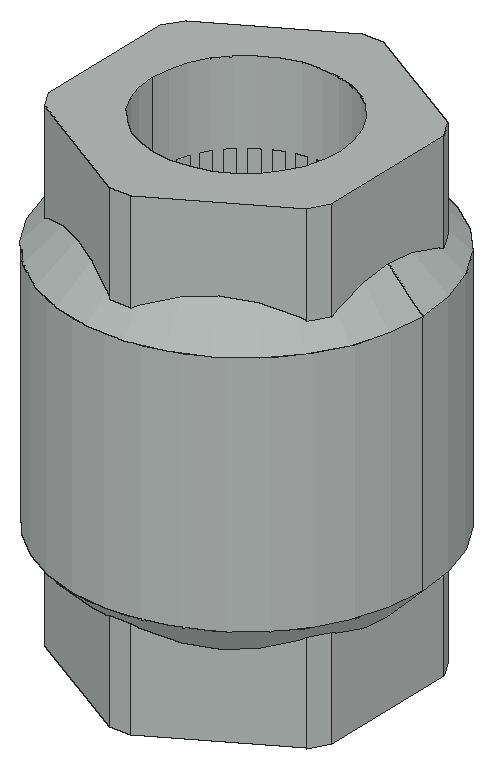
Revit family "DA09100000", category Apparecchi idraulici, Revit 2020
Family settings
  Quota connettore circolare = Usa diametro
  Tipo di parte = Normale
  Numero OmniClass = 23.45.00.00
  Titolo OmniClass = Sanitary, Laundry, and Cleaning Equipment
  Basato su piano di lavoro = No
  Sempre verticale = Sì
  Taglio con vuoti quando caricato = No
  Condiviso = No
  Punto di calcolo locali = No
Parameters
  URL = "https://web.cimberio.it/index.php/figura/300?subcategoria_id="
  Temperatura di esercizio = "-10 ÷ 110°C"
  Prospetto di default = 0 mm
  Produttore = "CIMBERIO SPA"
  Pressione nominale = "PN 20"
  Modello = "Cim 30"
  Materiale = "Prodotto in lega di ottone conforme alla norma EN 12165-CW617N-DW"
  Descrizione = "Collaudato al 100% secondo la normativa EN 12266-1.\r\nImpiegato nei più svariati settori dell'impiantistica in condutture anti-ritorno per: reti di distribuzione acqua potabile, impianti di riscaldamento, condizionamento, igienico-sanitari e in generale con ogni fluido non corrosivo"
  DN Model [instance] = DA09101032 : DA09101032
  DN [instance] = 32 mm
  Commenti sul tipo = "Realizzato in ottemperanza ai requisiti gestionali della norma EN ISO 9001"
Reference planes
  plane 1 "Centro (Fronte/Retro)": y = 0
  plane 2: z = 0
  plane 3 "Centro (Sinistra/Destra)": x = 0
Dimensions and locks
  aligned and locked: level to plane 2
Nested families
  nested 1: "DA09101032" at (0, 0, 0), type <- "DN Model", type "DA09101032"
  nested 2: "DA09101032" at (0, 0, 0), type <- "DN Model", type "DA09101032"
  nested 3: "DA09101032" at (0, 0, 0), type <- "DN Model", type "DA09101032"
  nested 4: "DA09101032" at (0, 0, 0), type <- "DN Model", type "DA09101032"
  nested 5: "DA09101032" at (0, 0, 0), type <- "DN Model", type "DA09101032"
  nested 6: "DA09101032" at (0, 0, 0), type <- "DN Model", type "DA09101032"
  nested 7: "DA09101032" at (0, 0, 0), type <- "DN Model", type "DA09101032"
  nested 8: "DA09101032" at (0, 0, 0), type <- "DN Model", type "DA09101032"
  nested 9: "DA09101032" at (0, 0, 0), type <- "DN Model", type "DA09101032"
  nested 10: "DA09101032" at (0, 0, 0), type <- "DN Model", type "DA09101032"
Connectors
  piping at (0, 0, 41), diameter 32, driven by "DN"
    settings: on nested 1, index 1, connector inside diameter 609.6 mm, connector length 0 mm, flow factor 0, pipe flow 0.0 L/s, pressure drop 0.0 Pa, fitting loss kfactor 0, connector angle 0.00°, fixture units 0, engagement length 0 mm, angle of deflection 0.00°, flow configuration 0, flow direction 2, fitting loss method 0, system type 8, joint type 0, gender type 0, connector reference index -1, connector utility 0, adjustable connector no, is connector primary yes, connector description ""
  piping at (0, 0, -41), diameter 32, driven by "DN"
    settings: on nested 1, index 2, connector inside diameter 609.6 mm, connector length 0 mm, flow factor 0, pipe flow 0.0 L/s, pressure drop 0.0 Pa, fitting loss kfactor 0, connector angle 0.00°, fixture units 0, engagement length 0 mm, angle of deflection 0.00°, flow configuration 0, flow direction 1, fitting loss method 0, system type 7, joint type 0, gender type 0, connector reference index -1, connector utility 0, adjustable connector no, is connector primary no, connector description ""
Definition of nested family "DA09101032"
  Parameters (values of type "DA09101032")
    Default Elevation = 0 mm
  Reference planes
    plane 1 "Centro (Fronte/Retro)": y = 0
    plane 2: z = 0
    plane 3 "Centro (Sinistra/Destra)": x = 0
  Forms (mm)
    Revolve 1, solid
      sketch origin (0, 0, 0) x (1, 0, 0) y (0, 0, 1)
        loop
          line (16, 26.905) -> (16, -26.948) -> (23.905, -26.948) -> (30, -20.854) -> (30, 20.854) -> (23.949, 26.905) -> (16, 26.905)
        axis (0, 26.905) -> (0, -26.948)
      angle from 0 to 360
    Extrusion 2, solid
      sketch origin (0, 0, 0) x (1, 0, 0) y (0, 1, 0)
        loop
          arc (1.769, 26.691) -> (0, 26.75) -> (-1.769, 26.691) r 26.75
          line (-1.769, 26.691) -> (-22.231, 14.878)
          arc (-22.231, 14.878) -> (-23.166, 13.375) -> (-24, 11.814) r 26.75
          line (-24, 11.814) -> (-24, -11.814)
          arc (-24, -11.814) -> (-23.166, -13.375) -> (-22.231, -14.878) r 26.75
          line (-22.231, -14.878) -> (-1.769, -26.691)
          arc (-1.769, -26.691) -> (0, -26.75) -> (1.769, -26.691) r 26.75
          line (1.769, -26.691) -> (22.231, -14.878)
          arc (22.231, -14.878) -> (23.166, -13.375) -> (24, -11.814) r 26.75
          line (24, -11.814) -> (24, 11.814)
          arc (24, 11.814) -> (23.166, 13.375) -> (22.231, 14.878) r 26.75
          line (22.231, 14.878) -> (1.769, 26.691)
        loop
          circle (0, 0) r 16
      from 20.854 to 41
    Extrusion 3, solid
      sketch origin (0, 0, -62) x (1, 0, 0) y (0, 1, 0)
        loop
          arc (1.769, 26.691) -> (0, 26.75) -> (-1.769, 26.691) r 26.75
          line (-1.769, 26.691) -> (-22.231, 14.878)
          arc (-22.231, 14.878) -> (-23.166, 13.375) -> (-24, 11.814) r 26.75
          line (-24, 11.814) -> (-24, -11.814)
          arc (-24, -11.814) -> (-23.166, -13.375) -> (-22.231, -14.878) r 26.75
          line (-22.231, -14.878) -> (-1.769, -26.691)
          arc (-1.769, -26.691) -> (0, -26.75) -> (1.769, -26.691) r 26.75
          line (1.769, -26.691) -> (22.231, -14.878)
          arc (22.231, -14.878) -> (23.166, -13.375) -> (24, -11.814) r 26.75
          line (24, -11.814) -> (24, 11.814)
          arc (24, 11.814) -> (23.166, 13.375) -> (22.231, 14.878) r 26.75
          line (22.231, 14.878) -> (1.769, 26.691)
        loop
          circle (0, 0) r 16
      from 21 to 41
  Dimensions and locks
    aligned and locked: level to plane 2
